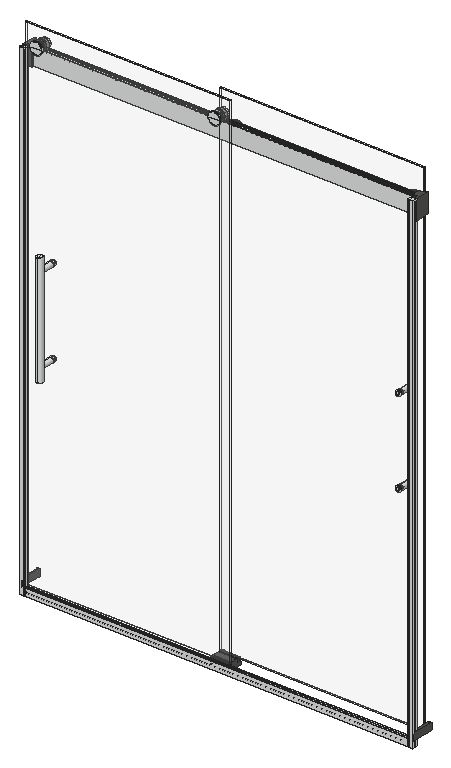
Revit family "Shower-Shower_Door-KOHLER-Levity_Plus-K-702423_1", category Specialty Equipment, host Face, Revit 2022 (continued)
Definition of nested family "K-702423"
  Lines and regions (in)
    symbolic lines, detail levels medium+fine
      curve 195: arc (-0.06152, 0.4133, 74.76536) -> (-0.0169, 0.48054, 74.76536) -> (0.00112, 0.5592, 74.76536) r 0.225
      curve 196: line (-2.73162, 0.92215, 74.76536) -> (-2.73162, 0.7253, 74.76536)
      curve 197: line (-1.26569, 0.92215, 74.76536) -> (-1.46254, 0.92215, 74.76536)
      curve 198: line (-1.26569, 0.92215, 74.76536) -> (-1.26569, 0.7253, 74.76536)
      curve 199: line (-2.69269, 1.69975, 74.76536) -> (-28.30462, 1.69975, 74.76536)
      curve 200: line (-1.30462, 1.44737, 74.76536) -> (27.30939, 1.44737, 74.76536)
      curve 201: line (-1.19089, 1.24538, 74.76536) -> (27.30866, 1.24538, 74.76536)
      curve 202: line (-1.45669, 1.04592, 74.76536) -> (27.30794, 1.04592, 74.76536)
      curve 203: line (-2.53477, 0.92215, 74.76536) -> (-1.46254, 0.92215, 74.76536)
      curve 204: line (-3.12027, 1.92648, 74.76536) -> (-0.34077, 1.92648, 74.76536)
      curve 205: line (27.51953, 0.18164, 74.76536) -> (-1.338, 0.18164, 74.76536)
      curve 206: line (27.51953, -0.19878, 74.76536) -> (27.51953, 0.32756, 74.76536)
      curve 207: line (27.31112, 1.92648, 74.76536) -> (27.3077, 0.97838, 74.76536)
      curve 208: line (28.09522, 2.40428, 74.76536) -> (28.29668, 2.40428, 74.76536)
      curve 209: arc (28.09522, 2.40428, 74.76536) -> (28.02318, 2.37444, 74.76536) -> (27.99335, 2.30241, 74.76536) r 0.10187
      curve 210: line (27.99335, 2.09932, 74.76536) -> (27.99335, 2.30241, 74.76536)
      curve 211: arc (27.95622, 2.02713, 74.76536) -> (27.98352, 2.05873, 74.76536) -> (27.99335, 2.09932, 74.76536) r 0.08874
      curve 212: line (27.9911, 0.32756, 74.76536) -> (28.29668, 0.32756, 74.76536)
      curve 213: line (-0.34077, 0.97838, 74.76536) -> (-1.46254, 0.97838, 74.76536)
      curve 214: line (-3.12027, 0.97838, 74.76536) -> (-2.53477, 0.97838, 74.76536)
      curve 215: line (-1.68447, 2.82297, 74.76536) -> (-0.35609, 2.82297, 74.76536)
      curve 216: line (-1.62646, 2.52933, 74.76536) -> (-0.4141, 2.52933, 74.76536)
      curve 217: line (-1.62646, 2.47993, 74.76536) -> (-0.4141, 2.47993, 74.76536)
      curve 218: line (-1.95977, 2.86452, 74.76536) -> (-0.08078, 2.86452, 74.76536)
      curve 219: line (-0.08078, 2.99102, 74.76536) -> (-1.95977, 2.99102, 74.76536)
      curve 220: line (-1.75637, 2.16793, 74.76536) -> (-0.28419, 2.16793, 74.76536)
      curve 221: line (23.98032, 2.13223, 74.76536) -> (24.48032, 2.13223, 74.76536)
      curve 222: line (23.98032, 2.16793, 74.76536) -> (24.48032, 2.16793, 74.76536)
      curve 223: line (23.85577, 2.47993, 74.76536) -> (24.60486, 2.47993, 74.76536)
      curve 224: circle (24.23032, 4.47693, 74.76536) r 0.3885 normal (0, 0, 1)
      curve 225: arc (23.85577, 4.27635, 74.76536) -> (24.23032, 4.05206, 74.76536) -> (24.60486, 4.27635, 74.76536) r 0.42487
      curve 226: line (25.31612, 2.82297, 74.76536) -> (26.64451, 2.82297, 74.76536)
      curve 227: line (25.37414, 2.52933, 74.76536) -> (26.58649, 2.52933, 74.76536)
      curve 228: line (25.37414, 2.47993, 74.76536) -> (26.58649, 2.47993, 74.76536)
      curve 229: line (25.04007, 2.99027, 74.76536) -> (26.92057, 2.99027, 74.76536)
      curve 230: line (25.04007, 2.86527, 74.76536) -> (26.92057, 2.86527, 74.76536)
      curve 231: line (25.24423, 2.16793, 74.76536) -> (26.71641, 2.16793, 74.76536)
      curve 232: line (-2.58618, 1.92648, 74.76536) -> (-0.34077, 1.92648, 74.76536)
      curve 233: line (-3.12027, 2.58256, 74.76536) -> (-0.34077, 2.58256, 74.76536)
      curve 234: line (-3.12027, 2.09879, 74.76536) -> (-0.34077, 2.09879, 74.76536)
      curve 235: line (-31.3134, 0.32797, 74.76536) -> (-30.5489, 0.32797, 74.76536)
  Dimensions and locks (in)
    plane 4 "AA" to level = 61.5748"
    "Walk Thru": plane 8 to plane 3 "Center (Left/Right)"
    locked: plane 9 to plane 8 at 0.77715
    plane 3 "Center (Left/Right)" to plane 7 = 31.3134"
    "Width": plane 9 to plane 7
    locked: plane 8 to plane 10 "E" at 3.28921
    plane 15 to plane 16 = 6.92913"
    locked: plane 21 "C" to plane 10 "E" at 1.75
    locked: plane 9 to plane 23 at 0.34046
    locked: plane 22 "D" to plane 10 "E" at 25.2506
    plane 24 "AB" to level = 77.55906"
    plane 25 to level = 30.86614"
    plane 27 to level = 71.5748"
    plane 28 to plane 27 = 2.55906"
    plane 6 to plane 25 = 17.00787"
    aligned and locked: plane 2 to level
    aligned and locked: plane 8 to Extrusion 5
    aligned and locked: plane 8 to Extrusion 8
    aligned and locked: plane 9 to Extrusion 18 sketch curve
    aligned and locked: plane 9 to Extrusion 19
    aligned and locked: plane 23 to Extrusion 19
    aligned and locked: plane 8 to Extrusion 20 sketch curve
    aligned and locked: plane 9 to Extrusion 20 sketch curve
    aligned and locked: plane 23 to Extrusion 22 sketch curve
    aligned and locked: Extrusion 10 to Masking region 1 sketch curve
    aligned and locked: Masking region 2 sketch curve to plane 9
    aligned and locked: Masking region 2 sketch curve to plane 8
    aligned and locked: Extrusion 9 to Revolve 25 sketch curve
    aligned and locked: plane 9 to Masking region 3 sketch curve
    aligned and locked: Extrusion 10 to Masking region 3 sketch curve  (x2)
    aligned and locked: Revolve 13 to Masking region 4 sketch curve
    aligned and locked: Masking region 4 sketch curve to Extrusion 22
    aligned and locked: plane 23 to Masking region 4 sketch curve
    aligned and locked: plane 8 to Extrusion 31
    aligned and locked: Masking region 3 to curve 233
    aligned and locked: Masking region 3 to curve 234
    aligned and locked: Masking region 3 to curve 204
  Automatic sketch dimensions
    Extrusion 1 sketch curve to plane 7 = 0"
    Extrusion 1 sketch curve to Extrusion 1 sketch curve = 0.03079"
    plane 7 to Extrusion 1 sketch curve = 0.0315"
    Extrusion 1 sketch curve to Extrusion 1 sketch curve = 0.2541"
    Extrusion 1 sketch curve to Extrusion 1 sketch curve = 0.25668"
    plane 7 to Extrusion 1 sketch curve = 81/256"
    Extrusion 1 sketch curve to Extrusion 1 sketch curve = 0.0315"  (x2)
    Extrusion 1 sketch curve to Extrusion 1 sketch curve = 0.60218"
    Extrusion 1 sketch curve to Extrusion 1 sketch curve = 0.03039"
    Extrusion 1 sketch curve to plane 1 "Center (Front/Back)" = 0.35413"
    Extrusion 1 sketch curve to Extrusion 1 sketch curve = 0.47171"
    Extrusion 1 sketch curve to Extrusion 1 sketch curve = 1.10192"
    Extrusion 1 sketch curve to Extrusion 1 sketch curve = 0.00743"
    Extrusion 1 sketch curve to Extrusion 1 sketch curve = 0.34229"
    Extrusion 2 sketch curve to plane 7 = 0"  (x2)
    plane 1 "Center (Front/Back)" to Extrusion 2 sketch curve = 0"  (x2)
    plane 7 to Extrusion 2 sketch curve = 0.05752"  (x2)
    plane 7 to Extrusion 2 sketch curve = 0.18908"
    Extrusion 2 sketch curve to Extrusion 2 sketch curve = 0.04131"
    Extrusion 2 sketch curve to Extrusion 2 sketch curve = 0.09136"
    Extrusion 2 sketch curve to Extrusion 2 sketch curve = 0.19461"  (x2)
    Extrusion 2 sketch curve to Extrusion 2 sketch curve = 0.14115"  (x2)
    plane 1 "Center (Front/Back)" to Extrusion 2 sketch curve = 0.32797"
    Extrusion 2 sketch curve to Extrusion 2 sketch curve = 0.00361"  (x2)
    Extrusion 2 sketch curve to Extrusion 2 sketch curve = 0.10339"
    plane 1 "Center (Front/Back)" to Extrusion 2 sketch curve = 0.30702"
    Extrusion 2 sketch curve to Extrusion 2 sketch curve = 0.03454"  (x2)
    Extrusion 2 sketch curve to Extrusion 2 sketch curve = 0.01994"  (x2)
    Extrusion 2 sketch curve to Extrusion 2 sketch curve = 0.04271"  (x2)
    Extrusion 2 sketch curve to Extrusion 2 sketch curve = 0.06265"
    Extrusion 2 sketch curve to plane 1 "Center (Front/Back)" = 0.20982"
    Extrusion 2 sketch curve to Extrusion 2 sketch curve = 0"
    Extrusion 2 sketch curve to plane 1 "Center (Front/Back)" = 0.22464"
    Extrusion 3 sketch curve to plane 7 = 0"
    Extrusion 3 sketch curve to Extrusion 3 sketch curve = 0.05752"  (x2)
    plane 1 "Center (Front/Back)" to Extrusion 3 sketch curve = 0.32797"
    Extrusion 3 sketch curve to Extrusion 3 sketch curve = 0.59999"  (x2)
    Extrusion 3 sketch curve to Extrusion 3 sketch curve = 0.00361"  (x2)
    Extrusion 3 sketch curve to Extrusion 3 sketch curve = 0.10339"
    plane 1 "Center (Front/Back)" to Extrusion 3 sketch curve = 0.30702"
    Extrusion 3 sketch curve to Extrusion 3 sketch curve = 0.05449"  (x2)
    Extrusion 3 sketch curve to plane 1 "Center (Front/Back)" = 0.22464"
    Extrusion 3 sketch curve to plane 1 "Center (Front/Back)" = 0.25253"
    plane 1 "Center (Front/Back)" to Extrusion 4 sketch curve = 0.20982"
    plane 20 to Extrusion 4 sketch curve = 1.55993"
    Extrusion 4 sketch curve to Extrusion 4 sketch curve = 0.01972"
    Extrusion 4 sketch curve to Extrusion 4 sketch curve = 0.25882"
    level to Extrusion 4 sketch curve = 1.05663"
    Extrusion 4 sketch curve to Extrusion 4 sketch curve = 0.57809"
    Extrusion 5 sketch curve to level = 0"
    Extrusion 5 sketch curve to plane 1 "Center (Front/Back)" = 0"
    plane 1 "Center (Front/Back)" to Extrusion 5 sketch curve = 0.19878"
    Extrusion 5 sketch curve to plane 1 "Center (Front/Back)" = 3/128"
    Extrusion 5 sketch curve to Extrusion 5 sketch curve = 0.04434"
    Extrusion 5 sketch curve to Extrusion 5 sketch curve = 0.04019"
    Extrusion 5 sketch curve to Extrusion 5 sketch curve = 0.07819"
    Extrusion 5 sketch curve to Extrusion 5 sketch curve = 0.0297"
    Extrusion 5 sketch curve to Extrusion 5 sketch curve = 0.02696"
    level to Extrusion 5 sketch curve = 0.07959"
    Extrusion 5 sketch curve to plane 1 "Center (Front/Back)" = 0.14319"
    Extrusion 5 sketch curve to Extrusion 5 sketch curve = 0.05652"
    Extrusion 5 sketch curve to Extrusion 5 sketch curve = 0.06857"
    Extrusion 5 sketch curve to Extrusion 5 sketch curve = 0.02971"
    Extrusion 5 sketch curve to Extrusion 5 sketch curve = 0.03753"
    Extrusion 5 sketch curve to Extrusion 5 sketch curve = 0.02998"
    Extrusion 5 sketch curve to Extrusion 5 sketch curve = 45/128"
    Extrusion 5 sketch curve to Extrusion 5 sketch curve = 0.34333"
    Extrusion 5 sketch curve to Extrusion 5 sketch curve = 0.07224"
    Extrusion 5 sketch curve to Extrusion 5 sketch curve = 0.01101"
    Extrusion 5 sketch curve to Extrusion 5 sketch curve = 15/128"
    Extrusion 5 sketch curve to Extrusion 5 sketch curve = 0.50603"
    Extrusion 5 sketch curve to Extrusion 5 sketch curve = 0.00157"
    Extrusion 5 sketch curve to Extrusion 5 sketch curve = 0.02425"
    Extrusion 5 sketch curve to Extrusion 5 sketch curve = 0.01999"
    Extrusion 5 sketch curve to Extrusion 5 sketch curve = 0.04542"
    Extrusion 5 sketch curve to Extrusion 5 sketch curve = 0.01816"
    Revolve 6 sketch curve to plane 14 = 0"  (x2)
    Revolve 6 sketch curve to plane 1 "Center (Front/Back)" = 1.79905"
    Revolve 6 sketch curve to Revolve 6 sketch curve = 0.36643"
    Revolve 6 sketch curve to Revolve 6 sketch curve = 0.18701"  (x2)
    Revolve 6 sketch curve to Revolve 6 sketch curve = 0.13646"
    Revolve 6 sketch curve to Revolve 6 sketch curve = 0.19685"  (x2)
    Revolve 6 sketch curve to Revolve 6 sketch curve = 0.35769"
    Revolve 6 sketch curve to plane 1 "Center (Front/Back)" = 0.06827"
    Revolve 6 sketch curve to plane 1 "Center (Front/Back)" = 0.02811"
    plane 1 "Center (Front/Back)" to Revolve 6 sketch curve = 0.09751"
    Revolve 6 sketch curve to Revolve 6 sketch curve = 0.04293"
    plane 14 to Revolve 6 sketch curve = 0.4638"
    plane 14 to Revolve 6 sketch curve = 0.47661"
    Revolve 6 sketch curve to Revolve 6 sketch curve = 0.05951"
    Revolve 6 sketch curve to Revolve 6 sketch curve = 0.21742"
    Revolve 6 sketch curve to Revolve 6 sketch curve = 0.26917"
    Revolve 6 sketch curve to Revolve 6 sketch curve = 0.05219"
    Revolve 6 sketch curve to Revolve 6 sketch curve = 0.23207"
    Revolve 6 sketch curve to Revolve 6 sketch curve = 0.00276"
    Revolve 6 sketch curve to Revolve 6 sketch curve = 0.04017"
    Revolve 6 sketch curve to Revolve 6 sketch curve = 0.98425"
    Revolve 6 sketch curve to Revolve 6 sketch curve = 0"
    Revolve 7 sketch curve to plane 13 = 0"  (x2)
    Revolve 7 sketch curve to plane 1 "Center (Front/Back)" = 1.79905"
    Revolve 7 sketch curve to Revolve 7 sketch curve = 0.36643"
    Revolve 7 sketch curve to Revolve 7 sketch curve = 0.18701"  (x2)
    Revolve 7 sketch curve to Revolve 7 sketch curve = 0.13646"
    Revolve 7 sketch curve to Revolve 7 sketch curve = 0.19685"  (x2)
    Revolve 7 sketch curve to Revolve 7 sketch curve = 0.35769"
    Revolve 7 sketch curve to plane 1 "Center (Front/Back)" = 0.06827"
    Revolve 7 sketch curve to plane 1 "Center (Front/Back)" = 0.02811"
    plane 1 "Center (Front/Back)" to Revolve 7 sketch curve = 0.09751"
    Revolve 7 sketch curve to Revolve 7 sketch curve = 0.04293"
    plane 13 to Revolve 7 sketch curve = 0.4638"
    plane 13 to Revolve 7 sketch curve = 0.47661"
    Revolve 7 sketch curve to Revolve 7 sketch curve = 0.05951"
    Revolve 7 sketch curve to Revolve 7 sketch curve = 0.21742"
    Revolve 7 sketch curve to Revolve 7 sketch curve = 0.26917"
    Revolve 7 sketch curve to Revolve 7 sketch curve = 0.05219"
    Revolve 7 sketch curve to Revolve 7 sketch curve = 0.23207"
    Revolve 7 sketch curve to Revolve 7 sketch curve = 0.00276"
    Revolve 7 sketch curve to Revolve 7 sketch curve = 0.04017"
    Revolve 7 sketch curve to Revolve 7 sketch curve = 0.98425"
    Revolve 7 sketch curve to Revolve 7 sketch curve = 0"
    Extrusion 8 sketch curve to plane 1 "Center (Front/Back)" = 0.97838"
    Extrusion 8 sketch curve to Extrusion 8 sketch curve = 0.04771"
    Extrusion 8 sketch curve to Extrusion 8 sketch curve = 0.19946"
    Extrusion 8 sketch curve to Extrusion 8 sketch curve = 0.06749"
    Extrusion 8 sketch curve to Extrusion 8 sketch curve = 0.07625"
    Extrusion 8 sketch curve to Extrusion 8 sketch curve = 0.10945"
    Extrusion 8 sketch curve to Extrusion 8 sketch curve = 0.00724"
    Extrusion 8 sketch curve to Extrusion 8 sketch curve = 0.01781"
    Extrusion 8 sketch curve to Extrusion 8 sketch curve = 0.07472"
    Extrusion 8 sketch curve to Extrusion 8 sketch curve = 0.26709"
    Extrusion 8 sketch curve to Extrusion 8 sketch curve = 0.25238"
    Extrusion 8 sketch curve to Extrusion 8 sketch curve = 0.11432"
    Extrusion 8 sketch curve to Extrusion 8 sketch curve = 0.167"
    Extrusion 8 sketch curve to Extrusion 8 sketch curve = 0.38221"
    Extrusion 8 sketch curve to Extrusion 8 sketch curve = 0.02708"
    Extrusion 8 sketch curve to Extrusion 8 sketch curve = 0.03426"
    Extrusion 8 sketch curve to Extrusion 8 sketch curve = 0.04358"
    Extrusion 8 sketch curve to Extrusion 8 sketch curve = 0.05805"
    Extrusion 8 sketch curve to Extrusion 8 sketch curve = 0.04965"
    Extrusion 8 sketch curve to Extrusion 8 sketch curve = 0.03062"
    Extrusion 8 sketch curve to Extrusion 8 sketch curve = 0.27127"
    Extrusion 8 sketch curve to Extrusion 8 sketch curve = 0.01337"
    Extrusion 8 sketch curve to Extrusion 8 sketch curve = 1/8"
    Extrusion 8 sketch curve to Extrusion 8 sketch curve = 0.62317"
    Extrusion 8 sketch curve to Extrusion 8 sketch curve = 0.09894"
    Extrusion 8 sketch curve to Extrusion 8 sketch curve = 0.11003"
    Extrusion 8 sketch curve to Extrusion 8 sketch curve = 0.06863"
    Extrusion 8 sketch curve to Extrusion 8 sketch curve = 0.04403"
    Extrusion 8 sketch curve to Extrusion 8 sketch curve = 0.07343"
    Extrusion 8 sketch curve to Extrusion 8 sketch curve = 0.06223"
    Extrusion 9 sketch curve to plane 3 "Center (Left/Right)" = 0.06152"  (x2)
    Extrusion 9 sketch curve to plane 1 "Center (Front/Back)" = 0.7253"
    Extrusion 9 sketch curve to Extrusion 9 sketch curve = 0.156"  (x2)
    Extrusion 9 sketch curve to plane 3 "Center (Left/Right)" = 0.22365"
    plane 7 to Extrusion 9 sketch curve = 0.56656"
    Extrusion 9 sketch curve to Extrusion 9 sketch curve = 0.18895"
    Extrusion 10 sketch curve to level = 0"
    Extrusion 10 sketch curve to plane 1 "Center (Front/Back)" = 0.30693"
    Extrusion 10 sketch curve to Extrusion 10 sketch curve = 0.16911"
    Extrusion 10 sketch curve to Extrusion 10 sketch curve = 0.03435"
    Extrusion 10 sketch curve to Extrusion 10 sketch curve = 0.04675"
    Extrusion 10 sketch curve to Extrusion 10 sketch curve = 0.27567"
    Extrusion 10 sketch curve to Extrusion 10 sketch curve = 0.02104"  (x2)
    level to Extrusion 10 sketch curve = 0.22974"  (x2)
    Extrusion 10 sketch curve to Extrusion 10 sketch curve = 0.10752"
    Extrusion 10 sketch curve to Extrusion 10 sketch curve = 0.08964"  (x2)
    Extrusion 10 sketch curve to Extrusion 10 sketch curve = 0.18469"  (x2)
    level to Extrusion 10 sketch curve = 0.22333"  (x2)
    Extrusion 10 sketch curve to Extrusion 10 sketch curve = 0.08608"  (x2)
    Extrusion 10 sketch curve to plane 1 "Center (Front/Back)" = 0.99117"
    Extrusion 10 sketch curve to Extrusion 10 sketch curve = 0.41665"  (x2)
    Extrusion 10 sketch curve to Extrusion 10 sketch curve = 0.04608"  (x2)
    Extrusion 10 sketch curve to Extrusion 10 sketch curve = 1.03242"
    level to Extrusion 10 sketch curve = 1.02412"
    Extrusion 10 sketch curve to Extrusion 10 sketch curve = 0.04197"
    Extrusion 10 sketch curve to Extrusion 10 sketch curve = 0.13366"
    level to Extrusion 10 sketch curve = 1.04611"
    Extrusion 10 sketch curve to Extrusion 10 sketch curve = 0.02291"
    Extrusion 10 sketch curve to Extrusion 10 sketch curve = 0.2467"
    level to Extrusion 10 sketch curve = 0.08994"
    Extrusion 10 sketch curve to Extrusion 10 sketch curve = 0.03772"
    Extrusion 10 sketch curve to Extrusion 10 sketch curve = 0.08809"
    Extrusion 10 sketch curve to Extrusion 10 sketch curve = 0.08169"
    Extrusion 10 sketch curve to Extrusion 10 sketch curve = 0.79837"
    Extrusion 10 sketch curve to Extrusion 10 sketch curve = 0.00241"
    Extrusion 10 sketch curve to Extrusion 10 sketch curve = 0.0012"
    Extrusion 10 sketch curve to Extrusion 10 sketch curve = 0.02268"
    Extrusion 10 sketch curve to Extrusion 10 sketch curve = 0.02105"
    Extrusion 10 sketch curve to Extrusion 10 sketch curve = 0.00037"
    Extrusion 10 sketch curve to Extrusion 10 sketch curve = 1.18136"
    plane 17 to Revolve 11 sketch curve = 0"  (x2)
    Revolve 11 sketch curve to plane 19 = 0.174"
    Revolve 11 sketch curve to plane 1 "Center (Front/Back)" = 0.4133"
    Revolve 11 sketch curve to Revolve 11 sketch curve = 0.34891"
    Revolve 11 sketch curve to Revolve 11 sketch curve = 0.03514"
    Revolve 11 sketch curve to Revolve 11 sketch curve = 0.19072"
    Revolve 11 sketch curve to Revolve 11 sketch curve = 0.03275"
    Revolve 11 sketch curve to plane 17 = 1/4"
    Revolve 11 sketch curve to Revolve 11 sketch curve = 0.11446"
    Revolve 11 sketch curve to Revolve 11 sketch curve = 1/8"
    plane 15 to Revolve 11 sketch curve = 35/128"
    Revolve 11 sketch curve to Revolve 11 sketch curve = 0.51073"
    Revolve 12 sketch curve to plane 15 = 0"
    Revolve 12 sketch curve to plane 5 = 0"
    Revolve 12 sketch curve to plane 6 = 0"
    Revolve 12 sketch curve to plane 19 = 0"  (x2)
    Revolve 12 sketch curve to plane 15 = 0.04993"
    Revolve 12 sketch curve to plane 15 = 0.05514"
    plane 5 to Revolve 12 sketch curve = 0.04993"
    Revolve 12 sketch curve to plane 6 = 0.05514"
    plane 6 to Revolve 12 sketch curve = 0.28607"
    Revolve 12 sketch curve to Revolve 12 sketch curve = 0.3937"
    Revolve 13 sketch curve to Revolve 13 sketch curve = 0.05802"
    Revolve 13 sketch curve to Revolve 13 sketch curve = 0.12991"
    Revolve 13 sketch curve to Revolve 13 sketch curve = 0.23375"
    Revolve 13 sketch curve to Revolve 13 sketch curve = 0.00086"
    Revolve 13 sketch curve to Revolve 13 sketch curve = 0.04165"  (x2)
    plane 20 to Revolve 13 sketch curve = 1.44522"
    Revolve 13 sketch curve to Revolve 13 sketch curve = 0.04078"
    Revolve 13 sketch curve to Revolve 13 sketch curve = 0.12631"
    Revolve 13 sketch curve to Revolve 13 sketch curve = 0.29364"
    Revolve 13 sketch curve to Revolve 13 sketch curve = 0.3614"
    Revolve 13 sketch curve to Revolve 13 sketch curve = 0.25664"
    Revolve 13 sketch curve to Revolve 13 sketch curve = 0.3937"
    Revolve 13 sketch curve to Revolve 13 sketch curve = 0.50511"
    Revolve 14 sketch curve to Revolve 14 sketch curve = 0.05802"
    Revolve 14 sketch curve to Revolve 14 sketch curve = 0.12991"
    Revolve 14 sketch curve to Revolve 14 sketch curve = 0.23375"
    Revolve 14 sketch curve to Revolve 14 sketch curve = 0.00086"
    Revolve 14 sketch curve to Revolve 14 sketch curve = 0.04165"  (x2)
    plane 20 to Revolve 14 sketch curve = 1.44522"
    Revolve 14 sketch curve to Revolve 14 sketch curve = 0.04078"
    Revolve 14 sketch curve to Revolve 14 sketch curve = 0.12631"
    Revolve 14 sketch curve to Revolve 14 sketch curve = 0.29364"
    Revolve 14 sketch curve to Revolve 14 sketch curve = 0.3614"
    Revolve 14 sketch curve to Revolve 14 sketch curve = 0.25664"
    Revolve 14 sketch curve to Revolve 14 sketch curve = 0.3937"
    Revolve 14 sketch curve to Revolve 14 sketch curve = 0.50511"
    plane 18 to Revolve 15 sketch curve = 0"  (x2)
    Revolve 15 sketch curve to plane 18 = 1/4"
    Revolve 15 sketch curve to Revolve 15 sketch curve = 0.11446"
    Revolve 15 sketch curve to Revolve 15 sketch curve = 0.00238"
    Revolve 15 sketch curve to Revolve 15 sketch curve = 1/8"
    Revolve 15 sketch curve to Revolve 15 sketch curve = 0.03514"
    Revolve 15 sketch curve to plane 20 = 0.00834"
    plane 20 to Revolve 15 sketch curve = 1.99579"
    Revolve 15 sketch curve to Revolve 15 sketch curve = 0.34891"
    Revolve 15 sketch curve to Revolve 15 sketch curve = 0.19072"
    plane 16 to Revolve 15 sketch curve = 0.29339"
    Revolve 15 sketch curve to Revolve 15 sketch curve = 0.51073"
    plane 17 to Revolve 16 sketch curve = 0"  (x2)
    Revolve 16 sketch curve to plane 17 = 1/4"
    Revolve 16 sketch curve to Revolve 16 sketch curve = 0.11446"
    Revolve 16 sketch curve to Revolve 16 sketch curve = 0.00238"
    Revolve 16 sketch curve to Revolve 16 sketch curve = 1/8"
    Revolve 16 sketch curve to Revolve 16 sketch curve = 0.03514"
    Revolve 16 sketch curve to plane 20 = 0.00834"
    plane 20 to Revolve 16 sketch curve = 1.997"
    Revolve 16 sketch curve to Revolve 16 sketch curve = 0.3477"
    Revolve 16 sketch curve to Revolve 16 sketch curve = 0.19072"
    plane 16 to Revolve 16 sketch curve = 0.29339"
    Revolve 16 sketch curve to Revolve 16 sketch curve = 0.51073"
    plane 1 "Center (Front/Back)" to Extrusion 19 sketch curve = 0.23901"
    plane 20 to Extrusion 19 sketch curve = 1.55993"
    Extrusion 19 sketch curve to Extrusion 19 sketch curve = 0.01972"
    Extrusion 19 sketch curve to Extrusion 19 sketch curve = 0.25882"
    level to Extrusion 19 sketch curve = 2.13263"
    Extrusion 19 sketch curve to Extrusion 19 sketch curve = 0.57809"
    plane 20 to Extrusion 22 sketch curve = 1.997"
    Extrusion 22 sketch curve to Extrusion 22 sketch curve = 0.04735"
    Extrusion 22 sketch curve to Extrusion 22 sketch curve = 0.156"  (x2)
    Extrusion 22 sketch curve to Extrusion 22 sketch curve = 0.21741"
    plane 22 "D" to Extrusion 22 sketch curve = 1.7744"
    Extrusion 22 sketch curve to Extrusion 22 sketch curve = 0.16214"
    plane 4 "AA" to Masking region 1 sketch curve = 15.98425"  (x2)
    Masking region 1 sketch curve to plane 6 = 0"  (x2)
    Masking region 1 sketch curve to plane 16 = 0"
    Masking region 1 sketch curve to plane 15 = 0"
    plane 18 to Masking region 1 sketch curve = 0"  (x2)
    plane 17 to Masking region 1 sketch curve = 0"  (x2)
    Masking region 1 sketch curve to plane 5 = 0"  (x2)
    Masking region 1 sketch curve to level = 0"  (x2)
    plane 1 "Center (Front/Back)" to Masking region 1 sketch curve = 0.09747"
    Masking region 1 sketch curve to plane 12 "A" = 0.93569"
    Masking region 1 sketch curve to Masking region 1 sketch curve = 0.04099"
    Masking region 1 sketch curve to Masking region 1 sketch curve = 11/256"  (x2)
    Masking region 1 sketch curve to plane 12 "A" = 0.74622"
    Masking region 1 sketch curve to Masking region 1 sketch curve = 0"  (x6)
    Masking region 1 sketch curve to Masking region 1 sketch curve = 0.01326"
    Masking region 1 sketch curve to Masking region 1 sketch curve = 0.05219"
    Masking region 1 sketch curve to plane 1 "Center (Front/Back)" = 0.06827"
    Masking region 1 sketch curve to Masking region 1 sketch curve = 0.23405"
    Masking region 1 sketch curve to Masking region 1 sketch curve = 0.21011"
    Masking region 1 sketch curve to Masking region 1 sketch curve = 0.04123"
    Masking region 1 sketch curve to Masking region 1 sketch curve = 0.19685"
    Masking region 1 sketch curve to Masking region 1 sketch curve = 0.04078"  (x4)
    Masking region 1 sketch curve to Masking region 1 sketch curve = 0.04165"  (x4)
    Masking region 1 sketch curve to Masking region 1 sketch curve = 0.23375"  (x2)
    Masking region 1 sketch curve to Masking region 1 sketch curve = 0.05796"  (x2)
    Masking region 1 sketch curve to plane 6 = 0.03637"  (x2)
    Masking region 1 sketch curve to plane 6 = 0.05514"  (x2)
    Masking region 1 sketch curve to plane 18 = 0.39907"  (x2)
    Masking region 1 sketch curve to plane 18 = 3/8"  (x3)
    Masking region 1 sketch curve to Masking region 1 sketch curve = 0.03133"  (x8)
    Masking region 1 sketch curve to Masking region 1 sketch curve = 0.03399"  (x4)
    Masking region 1 sketch curve to Masking region 1 sketch curve = 0.11558"  (x8)
    plane 18 to Masking region 1 sketch curve = 0.2495"  (x2)
    Masking region 1 sketch curve to Masking region 1 sketch curve = 0.00266"  (x4)
    plane 18 to Masking region 1 sketch curve = 3/8"  (x3)
    Masking region 1 sketch curve to plane 17 = 0.39907"  (x2)
    Masking region 1 sketch curve to plane 17 = 3/8"  (x3)
    plane 17 to Masking region 1 sketch curve = 0.2495"  (x2)
    Masking region 1 sketch curve to Masking region 1 sketch curve = 0.1255"  (x2)
    plane 17 to Masking region 1 sketch curve = 3/8"
    plane 5 to Masking region 1 sketch curve = 0.04993"  (x2)
    plane 5 to Masking region 1 sketch curve = 0.03117"  (x2)
    Masking region 1 sketch curve to plane 1 "Center (Front/Back)" = 0.99117"
    level to Masking region 1 sketch curve = 2.24921"
    Masking region 1 sketch curve to Masking region 1 sketch curve = 0.11658"
    Masking region 1 sketch curve to Masking region 1 sketch curve = 0.25882"
    Masking region 1 sketch curve to Masking region 1 sketch curve = 0.57809"
    Masking region 1 sketch curve to Masking region 1 sketch curve = 0.23909"
    level to Masking region 1 sketch curve = 1.05663"
    Masking region 1 sketch curve to Masking region 1 sketch curve = 0.03251"
    Masking region 1 sketch curve to Masking region 1 sketch curve = 0.00241"
    Masking region 1 sketch curve to Masking region 1 sketch curve = 0.33649"
    Masking region 1 sketch curve to Masking region 1 sketch curve = 0.35205"
    level to Masking region 1 sketch curve = 0.2313"  (x2)
    Masking region 1 sketch curve to Masking region 1 sketch curve = 0.00156"  (x2)
    Masking region 1 sketch curve to Masking region 1 sketch curve = 0.00346"  (x2)
    Masking region 1 sketch curve to Masking region 1 sketch curve = 0.00451"  (x2)
    level to Masking region 1 sketch curve = 0.16201"
    Masking region 1 sketch curve to Masking region 1 sketch curve = 0.08966"
    Masking region 1 sketch curve to Masking region 1 sketch curve = 0.0862"
    Masking region 1 sketch curve to Masking region 1 sketch curve = 0.03435"
    Masking region 1 sketch curve to Masking region 1 sketch curve = 0.03772"
    level to Masking region 1 sketch curve = 0.08036"
    Masking region 1 sketch curve to Masking region 1 sketch curve = 0.01035"
    Masking region 1 sketch curve to plane 16 = 0.03117"
    Masking region 1 sketch curve to plane 16 = 0.03637"
    plane 20 to Masking region 1 sketch curve = 0.3885"
    plane 20 to Masking region 1 sketch curve = 0.3937"
    plane 20 to Masking region 1 sketch curve = 0.42487"  (x2)
    Masking region 1 sketch curve to Masking region 1 sketch curve = 0.03117"
    plane 20 to Masking region 1 sketch curve = 1.30112"
    plane 20 to Masking region 1 sketch curve = 1.44522"
    Masking region 1 sketch curve to Masking region 1 sketch curve = 0.12631"  (x2)
    Masking region 1 sketch curve to Masking region 1 sketch curve = 0.52103"
    Masking region 1 sketch curve to Masking region 1 sketch curve = 0.19815"
    Masking region 1 sketch curve to Masking region 1 sketch curve = 0.17689"
    Masking region 1 sketch curve to Masking region 1 sketch curve = 0.27433"
    Masking region 1 sketch curve to Masking region 1 sketch curve = 0.29364"  (x2)
    Masking region 1 sketch curve to Masking region 1 sketch curve = 0.0494"
    Masking region 1 sketch curve to Masking region 1 sketch curve = 1.57213"
    plane 20 to Masking region 1 sketch curve = 1.997"
    Masking region 1 sketch curve to Masking region 1 sketch curve = 0.08175"
    Masking region 1 sketch curve to Masking region 1 sketch curve = 0.69668"
    Masking region 1 sketch curve to Masking region 1 sketch curve = 0.312"  (x6)
    Masking region 1 sketch curve to Masking region 1 sketch curve = 0.3614"
    Masking region 1 sketch curve to Masking region 1 sketch curve = 0.03691"  (x6)
    Masking region 1 sketch curve to Masking region 1 sketch curve = 0.19286"  (x6)
    Masking region 1 sketch curve to Masking region 1 sketch curve = 0.36888"
    Masking region 1 sketch curve to Masking region 1 sketch curve = 0.36643"
    Masking region 1 sketch curve to Masking region 1 sketch curve = 0.18701"
    Masking region 1 sketch curve to Masking region 1 sketch curve = 0.0752"
    Masking region 1 sketch curve to Masking region 1 sketch curve = 0.03015"
    Masking region 1 sketch curve to Masking region 1 sketch curve = 0.85245"  (x2)
    Masking region 1 sketch curve to Masking region 1 sketch curve = 0.01285"
    Masking region 1 sketch curve to Masking region 1 sketch curve = 0.13646"
    Masking region 1 sketch curve to plane 1 "Center (Front/Back)" = 0.7253"  (x2)
    Masking region 1 sketch curve to Masking region 1 sketch curve = 0.29499"
    Masking region 1 sketch curve to Masking region 1 sketch curve = 0.18469"
    Masking region 1 sketch curve to Masking region 1 sketch curve = 0.11595"
    Masking region 1 sketch curve to Masking region 1 sketch curve = 0.06077"
    Masking region 1 sketch curve to Masking region 1 sketch curve = 0.04675"
    Masking region 1 sketch curve to Masking region 1 sketch curve = 0.05319"
    Masking region 1 sketch curve to Masking region 1 sketch curve = 0.04569"
    Masking region 1 sketch curve to Masking region 1 sketch curve = 0.08574"  (x3)
    Masking region 1 sketch curve to Masking region 1 sketch curve = 0.14848"
    Masking region 1 sketch curve to plane 1 "Center (Front/Back)" = 0.02728"
    plane 1 "Center (Front/Back)" to Masking region 1 sketch curve = 0.19878"
    plane 1 "Center (Front/Back)" to Masking region 1 sketch curve = 0.32803"  (x3)
    Masking region 1 sketch curve to plane 19 = 0.44363"  (x3)
    Masking region 1 sketch curve to Masking region 1 sketch curve = 0.04993"
    Masking region 1 sketch curve to Masking region 1 sketch curve = 0.05514"
    Masking region 1 sketch curve to plane 15 = 0.05514"
    Masking region 1 sketch curve to plane 15 = 0.04993"
    plane 18 to Revolve 23 sketch curve = 0"  (x2)
    Revolve 23 sketch curve to plane 19 = 0.174"
    Revolve 23 sketch curve to plane 1 "Center (Front/Back)" = 0.4133"
    Revolve 23 sketch curve to Revolve 23 sketch curve = 0.34891"
    Revolve 23 sketch curve to Revolve 23 sketch curve = 0.03514"
    Revolve 23 sketch curve to Revolve 23 sketch curve = 0.19072"
    Revolve 23 sketch curve to Revolve 23 sketch curve = 0.03275"
    Revolve 23 sketch curve to plane 18 = 1/4"
    Revolve 23 sketch curve to Revolve 23 sketch curve = 0.11446"
    Revolve 23 sketch curve to Revolve 23 sketch curve = 1/8"
    plane 15 to Revolve 23 sketch curve = 35/128"
    Revolve 23 sketch curve to Revolve 23 sketch curve = 0.51073"
    curve 46 to plane 16 = 0"
    curve 42 to plane 15 = 0"
    plane 18 to curve 34 = 0"
    plane 18 to curve 47 = 0"
    plane 17 to curve 40 = 0"
    plane 17 to curve 52 = 0"
    curve 41 to plane 15 = 0"
    curve 51 to plane 16 = 0"
    curve 23 to curve 25 = 0.03682"
    curve 8 to curve 22 = 0.0365"
    level to curve 56 = 0.72015"
    level to curve 58 = 0.08036"
    plane 20 to curve 52 = 0.72534"
    plane 20 to curve 47 = 0.73718"
    plane 20 to curve 13 = 2.07456"
    curve 22 to plane 1 "Center (Front/Back)" = 0.4133"
    curve 56 to plane 1 "Center (Front/Back)" = 0.4133"
    curve 1 to curve 23 = 0.05917"
    curve 22 to curve 21 = 0.02657"
    curve 22 to curve 25 = 0.08166"
    plane 1 "Center (Front/Back)" to curve 58 = 0.20982"
    curve 24 to curve 25 = 0.06265"
    curve 40 to plane 19 = 0.77876"
    curve 34 to plane 19 = 0.74661"
    curve 30 to plane 18 = 0.2495"
    curve 30 to curve 31 = 0"  (x2)
    curve 45 to plane 18 = 0.2495"
    curve 43 to curve 45 = 0"  (x2)
    curve 32 to curve 31 = 0.1255"
    curve 32 to curve 33 = 0"  (x2)
    curve 34 to plane 18 = 3/8"
    curve 47 to plane 18 = 3/8"
    curve 44 to curve 43 = 0.1255"
    curve 29 to plane 18 = 3/8"
    curve 42 to plane 6 = 0.05514"
    curve 46 to plane 6 = 0.03637"
    curve 23 to curve 21 = 0"
    curve 18 to curve 17 = 0"  (x2)
    curve 14 to curve 17 = 0.2754"
    curve 16 to curve 14 = 0.05796"
    curve 15 to curve 16 = 0.00005"
    curve 15 to curve 16 = 0"
    curve 14 to curve 15 = 0.05796"
    curve 18 to curve 14 = 0.2754"
    curve 7 to plane 12 "A" = 0.4638"
    curve 6 to curve 7 = 0"
    curve 4 to curve 6 = 0.07232"
    curve 3 to curve 4 = 0"
    curve 9 to plane 1 "Center (Front/Back)" = 0.06827"
    curve 9 to curve 7 = 0.19685"
    curve 2 to curve 3 = 0.15792"
    curve 5 to curve 4 = 0.19685"
    curve 11 to plane 1 "Center (Front/Back)" = 0.02728"
    curve 11 to curve 9 = 0.27504"
    curve 11 to curve 10 = 0"
    plane 18 to curve 43 = 0.2495"
    plane 18 to curve 30 = 0.2495"
    curve 43 to curve 44 = 0.1255"
    plane 18 to curve 33 = 3/8"
    plane 18 to curve 47 = 3/8"
    plane 18 to curve 34 = 3/8"
    plane 18 to curve 29 = 3/8"
    curve 38 to plane 17 = 3/8"
    curve 52 to plane 17 = 3/8"
    curve 40 to plane 17 = 3/8"
    curve 48 to plane 17 = 3/8"
    curve 39 to plane 17 = 3/8"
    curve 37 to curve 38 = 0"  (x2)
    curve 50 to plane 17 = 1/4"
    curve 50 to curve 49 = 0.0005"
    curve 36 to plane 17 = 0.2495"
    curve 35 to curve 36 = 0"  (x2)
    plane 17 to curve 35 = 0.2495"
    plane 17 to curve 49 = 0.2495"
    curve 49 to curve 50 = 0.0005"
    plane 17 to curve 52 = 3/8"
    curve 36 to curve 37 = 0.1255"
    plane 17 to curve 40 = 3/8"
    curve 49 to curve 48 = 0.1255"
    plane 17 to curve 39 = 3/8"
    plane 5 to curve 41 = 0.04993"
    plane 5 to curve 51 = 0.03117"
    curve 59 to curve 56 = 1.41249"
    curve 60 to curve 56 = 1.41249"
    curve 60 to curve 61 = 0"
    curve 54 to curve 56 = 0.33649"
    curve 53 to curve 54 = 0"
    curve 54 to curve 62 = 0"
    curve 55 to curve 55 = 0.35205"
    curve 24 to curve 28 = 0"
    plane 20 to curve 52 = 0.42487"
    plane 20 to curve 51 = 0.42487"
    plane 20 to curve 46 = 0.42487"
    plane 20 to curve 47 = 0.42487"
    curve 18 to curve 13 = 0.58856"
    curve 18 to curve 17 = 0.12631"
    curve 17 to curve 14 = 0.04165"
    plane 20 to curve 53 = 1.73836"
    curve 53 to curve 53 = 0.17689"
    curve 14 to curve 15 = 0.29364"
    curve 15 to curve 16 = 0.0494"
    curve 47 to curve 44 = 1.25982"
    curve 53 to curve 59 = 0.08175"
    curve 52 to curve 48 = 1.27166"
    curve 53 to curve 54 = 0.08175"
    curve 48 to curve 49 = 0.312"
    curve 59 to curve 59 = 0.312"
    curve 44 to curve 43 = 0.312"
    curve 13 to curve 19 = 0.23444"
    curve 12 to curve 12 = 0.23444"
    curve 54 to curve 55 = 0.312"
    curve 49 to curve 50 = 0.0357"
    curve 43 to curve 45 = 0.03691"
    curve 19 to curve 1 = 0.36888"
    curve 2 to curve 6 = 1.01932"
    curve 2 to curve 3 = 0.37402"
    curve 54 to curve 57 = 0.62292"
    curve 3 to curve 4 = 0.13646"
    curve 35 to plane 1 "Center (Front/Back)" = 0.76221"
    curve 30 to plane 1 "Center (Front/Back)" = 0.76221"
    curve 20 to curve 23 = 0.37117"
    curve 35 to curve 36 = 0.03691"
    curve 30 to curve 31 = 0.03691"
    curve 54 to curve 62 = 0.31092"
    curve 4 to curve 5 = 0.19685"
    curve 60 to curve 61 = 0.45283"
    curve 56 to curve 56 = 0.19605"
    curve 60 to curve 61 = 0.14083"
    curve 20 to curve 23 = 0.05917"
    curve 31 to curve 32 = 0.312"
    curve 36 to curve 37 = 0.312"
    curve 6 to curve 7 = 0.04569"
    curve 58 to curve 27 = 0.05556"
    curve 32 to curve 33 = 0.08574"
    curve 37 to curve 38 = 0.08574"
    curve 61 to curve 61 = 0.05509"
    curve 63 to curve 62 = 0.03445"
    curve 27 to curve 26 = 0.06265"
    plane 1 "Center (Front/Back)" to curve 10 = 0.09747"
    curve 8 to curve 24 = 0.00657"
    plane 1 "Center (Front/Back)" to curve 39 = 0.32803"
    plane 1 "Center (Front/Back)" to curve 29 = 0.32803"
    curve 34 to plane 19 = 0.44363"
    curve 40 to plane 19 = 0.44363"
    curve 41 to plane 19 = 0.44363"
    curve 42 to plane 19 = 0.44363"
    Extrusion 24 sketch curve to plane 7 = 0"
    Extrusion 24 sketch curve to plane 1 "Center (Front/Back)" = 0.32797"
    plane 1 "Center (Front/Back)" to Extrusion 24 sketch curve = 0.32797"
    Extrusion 24 sketch curve to Extrusion 24 sketch curve = 0.76451"
    Revolve 25 sketch curve to plane 13 = 0"  (x2)
    Revolve 25 sketch curve to Revolve 25 sketch curve = 0.19685"  (x2)
    Revolve 25 sketch curve to Revolve 25 sketch curve = 0.13646"
    Revolve 25 sketch curve to Revolve 25 sketch curve = 0.37402"
    Revolve 25 sketch curve to Revolve 25 sketch curve = 0.36643"
    Revolve 25 sketch curve to plane 1 "Center (Front/Back)" = 0.06827"
    plane 1 "Center (Front/Back)" to Revolve 25 sketch curve = 0.14044"
    plane 13 to Revolve 25 sketch curve = 0.53612"
    Revolve 25 sketch curve to Revolve 25 sketch curve = 0.12453"
    Revolve 25 sketch curve to Revolve 25 sketch curve = 0.15792"
    Revolve 25 sketch curve to Revolve 25 sketch curve = 0.07232"
    Revolve 25 sketch curve to Revolve 25 sketch curve = 0.05219"
    Revolve 25 sketch curve to Revolve 25 sketch curve = 0.275"
    Revolve 25 sketch curve to Revolve 25 sketch curve = 0.31118"
    Revolve 26 sketch curve to plane 14 = 0"  (x2)
    Revolve 26 sketch curve to plane 1 "Center (Front/Back)" = 1.79905"
    Revolve 26 sketch curve to Revolve 26 sketch curve = 0.36643"
    Revolve 26 sketch curve to Revolve 26 sketch curve = 0.37402"
    Revolve 26 sketch curve to Revolve 26 sketch curve = 0.13646"
    Revolve 26 sketch curve to Revolve 26 sketch curve = 0.19685"  (x2)
    Revolve 26 sketch curve to plane 1 "Center (Front/Back)" = 0.06827"
    plane 1 "Center (Front/Back)" to Revolve 26 sketch curve = 0.14044"
    plane 14 to Revolve 26 sketch curve = 0.53612"
    Revolve 26 sketch curve to Revolve 26 sketch curve = 0.12453"
    Revolve 26 sketch curve to Revolve 26 sketch curve = 0.15792"
    Revolve 26 sketch curve to Revolve 26 sketch curve = 0.07232"
    Revolve 26 sketch curve to Revolve 26 sketch curve = 0.05219"
    Revolve 26 sketch curve to Revolve 26 sketch curve = 0.275"
    Revolve 26 sketch curve to Revolve 26 sketch curve = 0.31118"
    Extrusion 27 sketch curve to plane 11 "B" = 0"  (x2)
    Extrusion 27 sketch curve to plane 17 = 0"
    Extrusion 27 sketch curve to plane 18 = 0"
    Extrusion 28 sketch curve to plane 11 "B" = 0"
    plane 19 to Extrusion 28 sketch curve = 0"
    Revolve 17 sketch curve to plane 5 = 0"
    Revolve 17 sketch curve to plane 16 = 0"
    Revolve 17 sketch curve to plane 6 = 0"
    Revolve 17 sketch curve to plane 20 = 0"  (x2)
    plane 5 to Revolve 17 sketch curve = 0.03117"
    Revolve 17 sketch curve to plane 6 = 0.03637"
    Revolve 17 sketch curve to plane 16 = 0.03117"
    Revolve 17 sketch curve to plane 16 = 0.03637"
    plane 6 to Revolve 17 sketch curve = 0.28607"
    Revolve 17 sketch curve to Revolve 17 sketch curve = 0.3937"
    plane 18 to Revolve 29 sketch curve = 0"  (x2)
    Revolve 29 sketch curve to plane 20 = 0"
    Revolve 29 sketch curve to plane 18 = 3/8"
    Revolve 29 sketch curve to plane 1 "Center (Front/Back)" = 1.87284"
    plane 16 to Revolve 29 sketch curve = 0.75623"
    Revolve 29 sketch curve to Revolve 29 sketch curve = 1.1811"
    plane 17 to Revolve 30 sketch curve = 0"  (x2)
    Revolve 30 sketch curve to plane 20 = 0"
    Revolve 30 sketch curve to plane 17 = 3/8"
    Revolve 30 sketch curve to plane 1 "Center (Front/Back)" = 1.87284"
    plane 16 to Revolve 30 sketch curve = 0.75623"
    Revolve 30 sketch curve to Revolve 30 sketch curve = 1.1811"
    plane 20 to Extrusion 18 sketch curve = 2.07265"
    Extrusion 18 sketch curve to Extrusion 18 sketch curve = 0.10187"
    Extrusion 18 sketch curve to plane 23 = 0.03713"
    Extrusion 18 sketch curve to Extrusion 18 sketch curve = 0.20309"
    plane 23 to Extrusion 18 sketch curve = 0.05161"
    Extrusion 18 sketch curve to Extrusion 18 sketch curve = 0.06158"
    Extrusion 18 sketch curve to plane 8 = 0.21268"
    Extrusion 18 sketch curve to plane 1 "Center (Front/Back)" = 0.96774"
    Extrusion 18 sketch curve to Extrusion 18 sketch curve = 0.06723"
    plane 23 to Extrusion 18 sketch curve = 0.01208"
    Extrusion 18 sketch curve to Extrusion 18 sketch curve = 0.06013"
    Extrusion 18 sketch curve to plane 1 "Center (Front/Back)" = 0.37453"
    Extrusion 18 sketch curve to plane 23 = 0.03488"
    Extrusion 20 sketch curve to plane 9 = 0"
    Extrusion 20 sketch curve to plane 1 "Center (Front/Back)" = 0.32756"
    Extrusion 20 sketch curve to Extrusion 20 sketch curve = 0.07874"  (x2)
    plane 1 "Center (Front/Back)" to Extrusion 20 sketch curve = 0.23901"
    plane 8 to Extrusion 20 sketch curve = 0.07874"
    Extrusion 21 sketch curve to plane 8 = 0"
    Extrusion 21 sketch curve to plane 9 = 0"
    plane 1 "Center (Front/Back)" to Extrusion 21 sketch curve = 0.31775"
    Extrusion 21 sketch curve to plane 1 "Center (Front/Back)" = 0.32756"
    Masking region 2 sketch curve to plane 7 = 0"
    plane 4 "AA" to Masking region 2 sketch curve = 15.98425"
    Masking region 2 sketch curve to level = 0"
    Masking region 2 sketch curve to plane 23 = 0"
    plane 7 to Masking region 2 sketch curve = 0.32149"
    plane 7 to Masking region 2 sketch curve = 0.32175"
    level to Masking region 2 sketch curve = 0.07959"
    Masking region 2 sketch curve to Masking region 2 sketch curve = 0.08036"
    Masking region 3 sketch curve to plane 11 "B" = 0"
    Masking region 3 sketch curve to plane 8 = 0"  (x2)
    Masking region 3 sketch curve to plane 23 = 0"
    plane 19 to Masking region 3 sketch curve = 0"
    plane 7 to Masking region 3 sketch curve = 0.32153"
    Masking region 3 sketch curve to Masking region 3 sketch curve = 0.32175"
    Masking region 3 sketch curve to Masking region 3 sketch curve = 0.0299"
    Masking region 3 sketch curve to Masking region 3 sketch curve = 0.02618"
    Masking region 3 sketch curve to Masking region 3 sketch curve = 0.18895"
    Masking region 3 sketch curve to Masking region 3 sketch curve = 0.38679"
    Masking region 3 sketch curve to Masking region 3 sketch curve = 0.03039"
    Masking region 3 sketch curve to Masking region 3 sketch curve = 0.66199"
    Masking region 3 sketch curve to Masking region 3 sketch curve = 0.59804"
    Masking region 3 sketch curve to Masking region 3 sketch curve = 0.19685"  (x4)
    Masking region 3 sketch curve to plane 13 = 0.53612"
    Masking region 3 sketch curve to plane 11 "B" = 0.39985"
    Masking region 3 sketch curve to plane 11 "B" = 0.37476"
    Masking region 3 sketch curve to Masking region 3 sketch curve = 0.03752"  (x2)
    Masking region 3 sketch curve to Masking region 3 sketch curve = 0.11233"  (x2)
    plane 11 "B" to Masking region 3 sketch curve = 1/4"
    plane 1 "Center (Front/Back)" to Masking region 3 sketch curve = 0.19878"  (x2)
    plane 11 "B" to Masking region 3 sketch curve = 0.37476"
    Masking region 3 sketch curve to plane 3 "Center (Left/Right)" = 0.34077"  (x2)
    Masking region 3 sketch curve to Masking region 3 sketch curve = 0.11712"
    Masking region 3 sketch curve to plane 3 "Center (Left/Right)" = 0.06152"
    plane 3 "Center (Left/Right)" to Masking region 3 sketch curve = 0.00112"
    Masking region 3 sketch curve to plane 8 = 0.21183"
    Masking region 3 sketch curve to plane 8 = 0.20841"
    Masking region 3 sketch curve to Masking region 3 sketch curve = 0.05731"
    Masking region 3 sketch curve to Masking region 3 sketch curve = 17/256"
    plane 23 to Masking region 3 sketch curve = 0.07221"
    plane 23 to Masking region 3 sketch curve = 0.05161"
    plane 23 to Masking region 3 sketch curve = 0.01208"
    Masking region 3 sketch curve to plane 23 = 0.03488"
    Masking region 3 sketch curve to plane 19 = 0.23741"
    Masking region 3 sketch curve to Masking region 3 sketch curve = 0.11897"
    Masking region 3 sketch curve to plane 1 "Center (Front/Back)" = 0.32756"
    Masking region 3 sketch curve to Masking region 3 sketch curve = 0.23163"
    Masking region 3 sketch curve to plane 1 "Center (Front/Back)" = 0.5693"
    Masking region 3 sketch curve to Masking region 3 sketch curve = 0.01011"
    Masking region 3 sketch curve to Masking region 3 sketch curve = 0.156"
    Masking region 3 sketch curve to plane 1 "Center (Front/Back)" = 0.7253"
    Masking region 3 sketch curve to Masking region 3 sketch curve = 0"  (x2)
    Masking region 3 sketch curve to Masking region 3 sketch curve = 0.03691"  (x2)
    Masking region 3 sketch curve to Masking region 3 sketch curve = 0.28119"
    Masking region 3 sketch curve to Masking region 3 sketch curve = 0.13364"
    Masking region 3 sketch curve to Masking region 3 sketch curve = 0.06723"
    Masking region 3 sketch curve to Masking region 3 sketch curve = 0.17865"
    Masking region 3 sketch curve to Masking region 3 sketch curve = 0.25308"
    Masking region 3 sketch curve to Masking region 3 sketch curve = 0.05915"
    Masking region 3 sketch curve to Masking region 3 sketch curve = 0.9481"  (x2)
    Masking region 3 sketch curve to Masking region 3 sketch curve = 0.02252"
    Masking region 3 sketch curve to Masking region 3 sketch curve = 0.09468"
    Masking region 3 sketch curve to Masking region 3 sketch curve = 0.01655"
    Masking region 3 sketch curve to Masking region 3 sketch curve = 0.00737"
    Masking region 3 sketch curve to Masking region 3 sketch curve = 0.86748"
    Masking region 3 sketch curve to Masking region 3 sketch curve = 1.07649"
    Masking region 3 sketch curve to Masking region 3 sketch curve = 1.14729"
    Masking region 4 sketch curve to Masking region 4 sketch curve = 0"  (x3)
    Masking region 4 sketch curve to plane 10 "E" = 0"  (x2)
    Masking region 4 sketch curve to plane 16 = 0"
    plane 20 to Masking region 4 sketch curve = 0"
    Masking region 4 sketch curve to plane 21 "C" = 0"
    Masking region 4 sketch curve to plane 22 "D" = 0"  (x2)
    plane 20 to Masking region 4 sketch curve = 0.20058"  (x2)
    plane 20 to Masking region 4 sketch curve = 1.44522"
    Masking region 4 sketch curve to Masking region 4 sketch curve = 0.04069"  (x4)
    Masking region 4 sketch curve to Masking region 4 sketch curve = 0.04144"  (x3)
    Masking region 4 sketch curve to Masking region 4 sketch curve = 1/8"  (x2)
    Masking region 4 sketch curve to Masking region 4 sketch curve = 0.1265"  (x2)
    Masking region 4 sketch curve to Masking region 4 sketch curve = 0.04155"  (x3)
    Masking region 4 sketch curve to Masking region 4 sketch curve = 0.04231"  (x4)
    Masking region 4 sketch curve to Masking region 4 sketch curve = 0.29364"  (x4)
    Masking region 4 sketch curve to Masking region 4 sketch curve = 0.0494"  (x2)
    Masking region 4 sketch curve to Masking region 4 sketch curve = 0.38534"
    plane 23 to Masking region 4 sketch curve = 0.04857"
    plane 23 to Masking region 4 sketch curve = 0.04285"
    Masking region 4 sketch curve to Masking region 4 sketch curve = 0.22058"
    Masking region 4 sketch curve to Masking region 4 sketch curve = 0.312"  (x2)
    Masking region 4 sketch curve to Masking region 4 sketch curve = 0.156"
    Masking region 4 sketch curve to Masking region 4 sketch curve = 0.0357"  (x2)
    Masking region 4 sketch curve to Masking region 4 sketch curve = 0.03091"  (x2)
    Masking region 4 sketch curve to Masking region 4 sketch curve = 0.20485"
    Masking region 4 sketch curve to Masking region 4 sketch curve = 0.24055"
    Masking region 4 sketch curve to Masking region 4 sketch curve = 0.24126"
    plane 22 "D" to Masking region 4 sketch curve = 0.93949"
    Masking region 4 sketch curve to Masking region 4 sketch curve = 0.16185"
    Masking region 4 sketch curve to Masking region 4 sketch curve = 0.23375"  (x4)
    Masking region 4 sketch curve to Masking region 4 sketch curve = 0.05802"  (x4)
    Masking region 4 sketch curve to plane 22 "D" = 0.60618"
    Masking region 4 sketch curve to Masking region 4 sketch curve = 0.12991"  (x2)
    Masking region 4 sketch curve to Masking region 4 sketch curve = 0.00086"  (x2)
    Masking region 4 sketch curve to plane 10 "E" = 0.39889"
    Masking region 4 sketch curve to Masking region 4 sketch curve = 0.11798"  (x2)
    plane 10 "E" to Masking region 4 sketch curve = 1/4"
    Masking region 4 sketch curve to Masking region 4 sketch curve = 0.43521"
    Masking region 4 sketch curve to Masking region 4 sketch curve = 0.61502"
    Masking region 4 sketch curve to plane 21 "C" = 0.60618"
    Extrusion 31 sketch curve to plane 1 "Center (Front/Back)" = 0.97838"
    Extrusion 31 sketch curve to Extrusion 31 sketch curve = 0.94794"
    Revolve 32 sketch curve to plane 5 = 0"
    Revolve 32 sketch curve to plane 6 = 0"
    Revolve 32 sketch curve to plane 20 = 0"  (x2)
    Revolve 32 sketch curve to plane 16 = 0"
    Revolve 32 sketch curve to Revolve 32 sketch curve = 0.69979"
    Revolve 32 sketch curve to Revolve 32 sketch curve = 0.59055"
    Masking region 2 sketch curve to plane 24 "AB" = 3.2232"
    Extrusion 8 sketch curve to Extrusion 8 sketch curve = 0.01983"
    Extrusion 8 sketch curve to Extrusion 8 sketch curve = 0.22281"
    Extrusion 8 sketch curve to Extrusion 8 sketch curve = 0.05988"
    Extrusion 8 sketch curve to Extrusion 8 sketch curve = 0.08881"
    curve 19 to curve 1 = 0"
    plane 12 "A" to Masking region 2 sketch curve = 0.41455"
    Extrusion 8 sketch curve to Extrusion 8 sketch curve = 0.06732"
    Extrusion 8 sketch curve to Extrusion 8 sketch curve = 0.04204"
    Masking region 1 sketch curve to Masking region 1 sketch curve = 0.61092"
    curve 20 to curve 23 = 0"
    plane 4 "AA" to Extrusion 8 sketch curve = 9.96063"
    Extrusion 8 sketch curve to Extrusion 8 sketch curve = 1.45984"
    plane 4 "AA" to Revolve 13 sketch curve = 11.98031"
    Revolve 13 sketch curve to Revolve 13 sketch curve = 0.66419"
    Revolve 13 sketch curve to Revolve 13 sketch curve = 0"
    plane 4 "AA" to Revolve 14 sketch curve = 11.98031"
    Revolve 14 sketch curve to Revolve 14 sketch curve = 0.66419"
    Revolve 14 sketch curve to Revolve 14 sketch curve = 0"
    plane 4 "AA" to Masking region 1 sketch curve = 12.776"
    Masking region 1 sketch curve to Masking region 1 sketch curve = 0.0365"
    Masking region 1 sketch curve to Masking region 1 sketch curve = 0.75919"
    Masking region 1 sketch curve to Masking region 1 sketch curve = 1.21246"
    plane 4 "AA" to curve 21 = 12.776"
    curve 13 to curve 12 = 2.97389"
    curve 13 to curve 17 = 0.75919"
    curve 15 to curve 12 = 0.66893"
    curve 12 to curve 20 = 0"
    plane 4 "AA" to Extrusion 31 sketch curve = 9.96063"
    Extrusion 31 sketch curve to Extrusion 31 sketch curve = 2.55906"
    curve 155 to curve 156 = 0"  (x2)
    curve 224 to curve 225 = 0"  (x2)
    curve 224 to plane 10 "E" = 0"
    plane 20 to curve 224 = 0"
    curve 208 to plane 9 = 0"
    curve 211 to plane 23 = 0"
    curve 101 to plane 7 = 0"
    curve 206 to plane 8 = 0"
    curve 212 to plane 9 = 0"
    curve 126 to plane 13 = 0"
    curve 171 to plane 14 = 0"
    curve 156 to plane 11 "B" = 0"
    plane 19 to curve 156 = 0"
    curve 208 to plane 23 = 0.139"
    plane 20 to curve 208 = 2.07265"
    plane 7 to curve 97 = 0.28489"
    plane 20 to curve 97 = 2.07456"
    curve 97 to curve 98 = 0.03079"
    curve 97 to curve 99 = 0.0394"
    curve 208 to curve 209 = 0.10187"
    plane 23 to curve 211 = 0.05161"
    curve 209 to curve 211 = 0.20309"
    curve 232 to plane 3 "Center (Left/Right)" = 0.34077"
    curve 232 to plane 1 "Center (Front/Back)" = 1.92648"
    curve 113 to plane 13 = 0.69404"
    curve 113 to plane 1 "Center (Front/Back)" = 1.79905"
    curve 232 to curve 160 = 0.12742"
    curve 160 to curve 167 = 0.36643"
    curve 107 to curve 113 = 0.36643"
    curve 113 to curve 116 = 0.18701"
    curve 108 to curve 111 = 0.18701"
    curve 161 to curve 164 = 0.18701"
    curve 166 to curve 169 = 0.18701"
    curve 169 to curve 168 = 0.18701"
    curve 116 to curve 115 = 0.18701"
    curve 163 to curve 203 = 0.13646"
    curve 106 to plane 1 "Center (Front/Back)" = 0.5693"
    curve 105 to plane 3 "Center (Left/Right)" = 0.06152"
    curve 195 to curve 105 = 0.156"
    curve 105 to curve 102 = 0.02515"
    plane 7 to curve 101 = 0.0315"
    curve 102 to curve 101 = 0.00252"
    curve 102 to curve 103 = 0.00669"
    curve 131 to curve 130 = 0.04569"
    curve 184 to curve 182 = 0.04569"
    curve 133 to plane 1 "Center (Front/Back)" = 0.06827"
    curve 186 to plane 1 "Center (Front/Back)" = 0.06827"
    curve 140 to plane 1 "Center (Front/Back)" = 0.02811"
    curve 186 to plane 1 "Center (Front/Back)" = 0.02811"
    plane 1 "Center (Front/Back)" to curve 132 = 0.09751"
    plane 1 "Center (Front/Back)" to curve 185 = 0.09751"
    curve 180 to curve 179 = 0.04293"
    curve 127 to curve 126 = 0.04293"
    plane 7 to curve 97 = 0.03079"
    curve 102 to curve 105 = 0.05608"
    curve 104 to curve 141 = 0.61459"
    curve 119 to curve 125 = 0.04017"
    curve 119 to curve 124 = 0.04293"
    plane 13 to curve 109 = 0.74622"
    curve 109 to curve 108 = 0.05219"
    curve 120 to curve 139 = 0.23484"
    curve 110 to curve 135 = 0.21011"
    curve 110 to curve 111 = 0.04324"
    curve 121 to curve 138 = 0.19685"
    curve 138 to plane 13 = 0.4638"
    curve 116 to curve 113 = 0.20116"
    curve 116 to curve 117 = 0.04324"
    curve 130 to curve 128 = 0.19685"
    curve 113 to curve 114 = 0.05219"
    curve 128 to curve 126 = 0.23207"
    curve 126 to curve 128 = 0.00276"
    curve 128 to curve 127 = 0.04017"
    plane 14 to curve 172 = 0.93565"
    curve 172 to curve 178 = 0.04017"
    curve 172 to curve 177 = 0.04293"
    plane 14 to curve 162 = 0.74622"
    curve 163 to curve 196 = 0.01326"
    curve 164 to curve 161 = 0.05219"
    curve 173 to curve 174 = 0.23484"
    curve 163 to curve 163 = 0.21011"
    curve 163 to curve 164 = 0.04324"
    curve 174 to curve 176 = 0.19685"
    curve 191 to plane 14 = 0.4638"
    curve 169 to plane 14 = 0.49287"
    curve 169 to curve 168 = 0.04324"
    curve 183 to curve 182 = 0.19685"
    curve 169 to curve 166 = 0.20116"
    curve 170 to curve 197 = 0.19685"
    curve 166 to curve 167 = 0.05219"
    curve 181 to curve 179 = 0.23207"
    curve 179 to curve 186 = 0.00276"
    curve 179 to curve 185 = 0.04293"
    curve 195 to plane 3 "Center (Left/Right)" = 0.22365"
    plane 20 to curve 225 = 0.20058"  (x2)
    plane 20 to curve 219 = 1.48591"
    curve 225 to curve 229 = 1.28609"
    curve 229 to curve 230 = 1/8"
    curve 219 to curve 218 = 0.1265"
    curve 218 to curve 215 = 0.04155"
    curve 230 to curve 226 = 0.04231"
    curve 233 to curve 204 = 0.65609"
    curve 215 to curve 216 = 0.29364"
    curve 226 to curve 227 = 0.29364"
    curve 227 to curve 228 = 0.0494"
    curve 223 to plane 10 "E" = 0.37454"
    curve 230 to curve 223 = 0.38534"
    curve 216 to curve 217 = 0.0494"
    curve 99 to curve 99 = 0.01394"
    plane 7 to curve 98 = 0.00034"
    curve 228 to curve 231 = 0.312"
    curve 220 to curve 204 = 0.24146"
    curve 223 to curve 222 = 0.312"
    curve 222 to curve 221 = 0.0357"
    curve 233 to curve 234 = 0.48377"
    curve 207 to plane 8 = 0.20841"
    curve 211 to curve 207 = 0.17285"
    curve 96 to curve 107 = 0.12742"
    curve 207 to curve 147 = 0.22673"
    curve 107 to curve 151 = 0.09931"
    curve 160 to curve 199 = 0.09931"
    curve 200 to curve 166 = 0.01474"
    curve 149 to curve 108 = 0.01474"
    curve 152 to curve 113 = 0.01474"
    curve 153 to curve 164 = 0.18677"
    curve 148 to curve 110 = 0.18677"
    curve 201 to curve 168 = 0.18677"
    curve 201 to curve 202 = 0.19946"
    curve 115 to curve 154 = 0.01269"
    curve 110 to curve 150 = 0.01269"
    curve 150 to curve 96 = 0.06754"
    curve 163 to curve 214 = 0.08023"
    curve 213 to curve 170 = 0.05623"
    curve 142 to curve 146 = 0.56508"
    curve 207 to plane 8 = 0.21183"
    curve 202 to curve 207 = 0.06754"
    curve 150 to curve 112 = 0.06754"
    curve 154 to curve 117 = 0.06754"
    curve 112 to curve 136 = 0.05623"
    curve 142 to curve 144 = 0.21617"
    curve 144 to curve 143 = 0.03691"
    curve 190 to curve 195 = 0.156"
    curve 136 to curve 137 = 0.19685"  (x2)
    plane 3 "Center (Left/Right)" to curve 195 = 0.00112"
    curve 206 to plane 1 "Center (Front/Back)" = 0.32756"
    curve 212 to plane 1 "Center (Front/Back)" = 0.32756"
    curve 158 to plane 1 "Center (Front/Back)" = 0.18164"
    curve 159 to plane 1 "Center (Front/Back)" = 0.18164"
    curve 157 to curve 120 = 0.11337"
    curve 205 to curve 181 = 0.11337"
    plane 1 "Center (Front/Back)" to curve 146 = 0.19878"
    plane 1 "Center (Front/Back)" to curve 104 = 0.19878"
    plane 1 "Center (Front/Back)" to curve 206 = 0.19878"
    plane 1 "Center (Front/Back)" to curve 145 = 0.19878"
    curve 155 to plane 19 = 0.23741"  (x2)
    curve 96 to curve 107 = 0.63697"
    curve 137 to curve 112 = 0.19685"
    curve 108 to curve 149 = 0.00949"
    curve 136 to curve 112 = 0"
    curve 136 to curve 117 = 0"
    curve 142 to plane 11 "B" = 0.39985"
    curve 158 to plane 11 "B" = 0.37476"
    curve 155 to plane 11 "B" = 0.37476"
    curve 143 to plane 11 "B" = 1/4"
    curve 144 to curve 143 = 0"  (x2)
    plane 11 "B" to curve 143 = 1/4"
    plane 11 "B" to curve 146 = 0.37476"
    curve 144 to curve 142 = 0.14985"
    plane 22 "D" to curve 219 = 0.93949"
    curve 218 to curve 219 = 0"  (x2)
